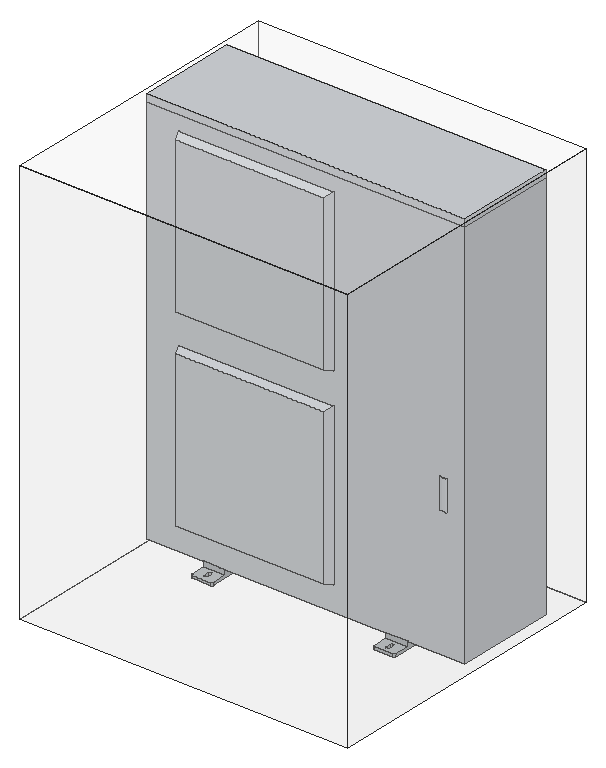
Revit family "puz-hrmp80_160ka10_50hz", category 機械設備, Revit 2023 (continued)
Definition of nested family "PUZ-HDRMP-3"
  Dimensions and locks
    aligned and locked: Blend 4 sketch curve to plane 46
    aligned and locked: Blend 4 sketch curve to plane 48
    aligned and locked: Blend 4 to plane 8
    aligned and locked: plane 38 to Blend 4
    aligned and locked: curve 17 to plane 49
    aligned and locked: curve 1 to plane 49
    aligned and locked: plane 49 to curve 19
    aligned and locked: curve 18 to plane 50
    aligned and locked: plane 50 to curve 2
    aligned and locked: plane 50 to curve 20
    aligned and locked: plane 57 to Extrusion 5 sketch curve
    aligned and locked: plane 53 to Extrusion 5 sketch curve
    aligned and locked: plane 58 to Extrusion 6 sketch curve
    aligned and locked: plane 56 to Extrusion 6 sketch curve
    aligned and locked: plane 61 to Extrusion 7 sketch curve
    aligned and locked: plane 54 to Extrusion 7 sketch curve
    aligned and locked: plane 55 to Extrusion 7
    aligned and locked: Extrusion 7 to plane 62
    aligned and locked: plane 64 to Extrusion 6
    aligned and locked: plane 63 to Extrusion 5
    aligned and locked: Extrusion 6 to plane 60
    aligned and locked: Extrusion 5 to plane 59
    aligned and locked: plane 66 to Extrusion 8 sketch curve
    aligned and locked: plane 65 to Extrusion 8 sketch curve
    aligned and locked: Extrusion 8 to plane 60
    aligned and locked: plane 64 to Extrusion 8
    aligned and locked: Blend 9 sketch curve to plane 71
    aligned and locked: Blend 9 sketch curve to plane 72
    aligned and locked: Blend 9 sketch curve to plane 42
    aligned and locked: Blend 9 sketch curve to plane 41
    aligned and locked: plane 45 to Blend 9 sketch curve
    aligned and locked: Blend 9 sketch curve to plane 46
    aligned and locked: Blend 9 sketch curve to plane 73
    aligned and locked: plane 74 to Blend 9 sketch curve
    aligned and locked: Blend 9 to plane 8
    aligned and locked: plane 38 to Blend 9
    aligned and locked: plane 22 to Extrusion 10 sketch curve
    aligned and locked: plane 21 to Extrusion 10 sketch curve
    aligned and locked: Extrusion 10 sketch curve to Extrusion 1  (x4)
    aligned and locked: Extrusion 10 sketch curve to plane 23
    aligned and locked: Extrusion 10 sketch curve to plane 20
    aligned and locked: plane 24 to Extrusion 10
    aligned and locked: Extrusion 10 to level
    aligned and locked: plane 25 to Extrusion 11
    aligned and locked: Extrusion 11 to plane 26
    aligned and locked: Masking region 1 sketch curve to Extrusion 3  (x4)
    aligned and locked: Masking region 1 sketch curve to cut or joined group of Extrusion 1, Extrusion 10  (x8)
    aligned and locked: Masking region 1 sketch curve to Blend 9  (x3)
    aligned and locked: plane 51 to Extrusion 11 sketch curve
    aligned and locked: plane 52 to Extrusion 11 sketch curve
    aligned and locked: plane 76 to Extrusion 11 sketch curve
    aligned and locked: plane 77 to Extrusion 11 sketch curve
    aligned and locked: plane 78 to Extrusion 11 sketch curve
    aligned and locked: plane 79 to Extrusion 11 sketch curve
    aligned and locked: plane 75 to Extrusion 11 sketch curve  (x4)
  Automatic sketch dimensions
    plane 7 to Extrusion 1 sketch curve = 0 mm  (x2)
    Extrusion 1 sketch curve to plane 18 = 0 mm
    plane 8 to Extrusion 1 sketch curve = 0 mm  (x2)
    Extrusion 1 sketch curve to plane 19 = 0 mm
    Extrusion 1 sketch curve to plane 20 = 0 mm
    Extrusion 1 sketch curve to plane 21 = 0 mm
    curve 187 to curve 188 = 40 mm
    curve 186 to curve 190 = 13.333 mm
    curve 190 to curve 190 = 40 mm
    curve 186 to curve 193 = 0 mm
    curve 186 to curve 188 = 40 mm
    curve 188 to curve 191 = 0 mm
    curve 179 to curve 180 = 40 mm
    curve 178 to curve 182 = 120 mm
    curve 182 to curve 182 = 40 mm
    curve 178 to curve 185 = 0 mm
    curve 178 to curve 180 = 40 mm
    curve 182 to curve 183 = 40 mm
    curve 25 to plane 45 = 0 mm
    curve 24 to plane 45 = 0 mm
    curve 22 to plane 45 = 0 mm
    curve 23 to plane 45 = 0 mm
    curve 26 to plane 45 = 0 mm
    curve 21 to plane 45 = 0 mm
    curve 24 to plane 46 = 0 mm
    curve 25 to plane 46 = 0 mm
    curve 26 to plane 46 = 0 mm
    curve 23 to plane 46 = 0 mm
    curve 22 to plane 46 = 0 mm
    curve 21 to plane 46 = 0 mm
    curve 37 to plane 48 = 0 mm
    curve 52 to plane 48 = 0 mm
    curve 51 to plane 48 = 0 mm
    curve 50 to plane 48 = 0 mm
    curve 49 to plane 48 = 0 mm
    curve 48 to plane 48 = 0 mm
    curve 47 to plane 48 = 0 mm
    curve 46 to plane 48 = 0 mm
    curve 45 to plane 48 = 0 mm
    curve 44 to plane 48 = 0 mm
    curve 43 to plane 48 = 0 mm
    curve 42 to plane 48 = 0 mm
    curve 41 to plane 48 = 0 mm
    curve 27 to plane 48 = 0 mm
    curve 28 to plane 48 = 0 mm
    curve 40 to plane 48 = 0 mm
    curve 39 to plane 48 = 0 mm
    curve 29 to plane 48 = 0 mm
    curve 38 to plane 48 = 0 mm
    curve 30 to plane 48 = 0 mm
    curve 53 to plane 48 = 0 mm
    curve 31 to plane 48 = 0 mm
    curve 36 to plane 48 = 0 mm
    curve 32 to plane 48 = 0 mm
    curve 35 to plane 48 = 0 mm
    curve 33 to plane 48 = 0 mm
    curve 34 to plane 48 = 0 mm
    curve 28 to plane 47 = 0 mm
    curve 41 to plane 47 = 0 mm
    curve 27 to plane 47 = 0 mm
    curve 42 to plane 47 = 0 mm
    curve 31 to plane 47 = 0 mm
    curve 40 to plane 47 = 0 mm
    curve 37 to plane 47 = 0 mm
    curve 39 to plane 47 = 0 mm
    curve 32 to plane 47 = 0 mm
    curve 45 to plane 47 = 0 mm
    curve 36 to plane 47 = 0 mm
    curve 46 to plane 47 = 0 mm
    curve 43 to plane 47 = 0 mm
    curve 47 to plane 47 = 0 mm
    curve 29 to plane 47 = 0 mm
    curve 48 to plane 47 = 0 mm
    curve 30 to plane 47 = 0 mm
    curve 49 to plane 47 = 0 mm
    curve 44 to plane 47 = 0 mm
    curve 50 to plane 47 = 0 mm
    curve 33 to plane 47 = 0 mm
    curve 51 to plane 47 = 0 mm
    curve 35 to plane 47 = 0 mm
    curve 52 to plane 47 = 0 mm
    curve 38 to plane 47 = 0 mm
    curve 53 to plane 47 = 0 mm
    curve 34 to plane 47 = 0 mm
    plane 13 to curve 304 = 138 mm
    curve 304 to plane 46 = 0 mm
    curve 307 to plane 45 = 0 mm
    curve 306 to plane 45 = 0 mm
    curve 303 to plane 45 = 0 mm
    curve 308 to plane 45 = 0 mm
    curve 303 to plane 46 = 0 mm
    curve 306 to plane 46 = 0 mm
    curve 307 to plane 46 = 0 mm
    curve 308 to plane 46 = 0 mm
    curve 309 to plane 45 = 0 mm
    curve 309 to plane 46 = 0 mm
    curve 305 to plane 74 = 0 mm
    curve 305 to plane 73 = 0 mm
    curve 310 to plane 74 = 0 mm
    curve 310 to plane 73 = 0 mm
    curve 311 to plane 73 = 0 mm
    curve 311 to plane 74 = 0 mm
    curve 312 to plane 74 = 0 mm
    curve 312 to plane 73 = 0 mm
    curve 313 to plane 74 = 0 mm
    curve 313 to plane 73 = 0 mm
    curve 314 to plane 73 = 0 mm
    curve 314 to plane 74 = 0 mm
    curve 315 to plane 74 = 0 mm
    curve 315 to plane 73 = 0 mm
    curve 316 to plane 73 = 0 mm
    curve 316 to plane 74 = 0 mm
    curve 317 to plane 74 = 0 mm
    curve 317 to plane 73 = 0 mm
    curve 318 to plane 74 = 0 mm
    curve 318 to plane 73 = 0 mm
    curve 319 to plane 74 = 0 mm
    curve 319 to plane 73 = 0 mm
    curve 320 to plane 74 = 0 mm
    curve 320 to plane 73 = 0 mm
    curve 321 to plane 74 = 0 mm
    curve 321 to plane 73 = 0 mm
    curve 322 to plane 73 = 0 mm
    curve 322 to plane 74 = 0 mm
    curve 323 to plane 73 = 0 mm
    curve 323 to plane 74 = 0 mm
    curve 324 to plane 73 = 0 mm
    curve 324 to plane 74 = 0 mm
    curve 325 to plane 74 = 0 mm
    curve 325 to plane 73 = 0 mm
    curve 326 to plane 74 = 0 mm
    curve 326 to plane 73 = 0 mm
    curve 327 to plane 74 = 0 mm
    curve 327 to plane 73 = 0 mm
    curve 328 to plane 74 = 0 mm
    curve 328 to plane 73 = 0 mm
    curve 329 to plane 74 = 0 mm
    curve 329 to plane 73 = 0 mm
    curve 330 to plane 74 = 0 mm
    curve 330 to plane 73 = 0 mm
    curve 331 to plane 74 = 0 mm
    curve 331 to plane 73 = 0 mm
    curve 332 to plane 73 = 0 mm
    curve 332 to plane 74 = 0 mm
    curve 333 to plane 74 = 0 mm
    curve 333 to plane 73 = 0 mm
    curve 334 to plane 73 = 0 mm
    curve 334 to plane 74 = 0 mm
    curve 335 to plane 74 = 0 mm
    curve 335 to plane 73 = 0 mm
    Extrusion 10 sketch curve to plane 18 = 0 mm  (x2)
    plane 8 to Extrusion 10 sketch curve = 0 mm
    plane 23 to Extrusion 10 sketch curve = 0 mm
    plane 22 to Extrusion 10 sketch curve = 0 mm  (x3)
    plane 16 to Extrusion 10 sketch curve = 0 mm  (x3)
    plane 17 to Extrusion 10 sketch curve = 0 mm  (x3)
    Extrusion 10 sketch curve to plane 15 = 0 mm  (x2)
    Extrusion 10 sketch curve to plane 19 = 0 mm  (x2)
    Extrusion 10 sketch curve to plane 14 = 0 mm  (x2)
    plane 7 to Extrusion 10 sketch curve = 0 mm
    Extrusion 10 sketch curve to plane 18 = 5 mm
    plane 15 to Extrusion 10 sketch curve = 6 mm  (x2)
    plane 19 to Extrusion 10 sketch curve = 5 mm
    Extrusion 10 sketch curve to plane 20 = 5 mm
    plane 14 to Extrusion 10 sketch curve = 6 mm  (x2)
    plane 21 to Extrusion 10 sketch curve = 5 mm
    plane 38 to Extrusion 10 sketch curve = 10 mm  (x2)
    plane 19 to Masking region 1 sketch curve = 0 mm
    plane 21 to Masking region 1 sketch curve = 0 mm
    plane 7 to Masking region 1 sketch curve = 0 mm  (x2)
    Masking region 1 sketch curve to plane 20 = 0 mm
    Masking region 1 sketch curve to plane 18 = 0 mm
    plane 8 to Masking region 1 sketch curve = 0 mm  (x2)
    plane 38 to Masking region 1 sketch curve = 0 mm
    curve 352 to plane 6 = 0 mm
    plane 7 to curve 352 = 0 mm
    curve 353 to plane 18 = 0 mm
    curve 348 to plane 18 = 0 mm
    plane 8 to curve 346 = 0 mm
    curve 354 to plane 19 = 0 mm
    curve 347 to plane 19 = 0 mm
    curve 345 to plane 41 = 0 mm
    plane 38 to curve 344 = 0 mm
    curve 344 to plane 46 = 0 mm
    curve 357 to plane 20 = 0 mm
    curve 343 to plane 20 = 0 mm
    curve 358 to plane 21 = 0 mm
    curve 341 to plane 21 = 0 mm
    curve 339 to plane 45 = 0 mm
    curve 339 to plane 42 = 0 mm
    curve 337 to plane 5 = 0 mm
    plane 22 to curve 354 = 0 mm
    plane 22 to curve 358 = 0 mm
    plane 23 to curve 342 = 0 mm
    plane 23 to curve 347 = 0 mm
    curve 11 to plane 65 = 6 mm
    plane 18 to curve 352 = 28.157 mm
    plane 15 to curve 346 = 0.043 mm
    plane 21 to curve 338 = 11.963 mm
    curve 336 to plane 21 = 9.073 mm
    curve 344 to plane 21 = 22.105 mm
    plane 28 to curve 3 = 5 mm
    curve 3 to plane 45 = 38 mm
    curve 1 to plane 45 = 38 mm
    curve 3 to curve 5 = 0 mm
    curve 4 to plane 29 = 5 mm
    curve 372 to plane 65 = 6 mm
    plane 65 to curve 376 = 9 mm
    curve 12 to plane 65 = 6 mm
    curve 20 to plane 53 = 4 mm
    curve 2 to curve 16 = 15 mm
    plane 51 to curve 15 = 5 mm
Definition of nested family "固定点"
  Parameters (values of type "固定点")
    Default Elevation = 0 mm
    中心円 = if(W > 599 mm, 12 mm, 10 mm)  # 12 mm
    W = 1000 mm
    D = 1000 mm
  Reference planes
    plane 1 "中心(正面/背面)": y = 0
    plane 2: z = 0
    plane 3 "中心(左/右)": x = 0
    plane 4: x = 1000
    plane 5: y = 1000
  Lines and regions (mm)
    symbolic lines, detail levels fine
      curve 1: circle (0, 1000, 0) r 6 normal (0, 0, 1)
      curve 2: circle (0, 0, 0) r 6 normal (0, 0, 1)
      curve 3: circle (1000, 1000, 0) r 6 normal (0, 0, 1)
      curve 4: circle (1000, 0, 0) r 6 normal (0, 0, 1)
      curve 5: line (-200, 1000, 0) -> (1200, 1000, 0)
      curve 6: line (-200, 0, 0) -> (1200, 0, 0)
      curve 7: line (0, 1200, 0) -> (0, -200, 0)
      curve 8: line (1000, 1200, 0) -> (1000, -200, 0)
  Dimensions and locks
    "W": plane 3 "中心(左/右)" to plane 4
    "D": plane 1 "中心(正面/背面)" to plane 5
    "中心円": diameter of curve 1
    "中心円": diameter of curve 2
    "中心円": diameter of curve 3
    "中心円": diameter of curve 4
    aligned and locked: level to plane 2
    aligned and locked: plane 5 to curve 1
    aligned and locked: plane 3 "中心(左/右)" to curve 1
    aligned and locked: plane 3 "中心(左/右)" to curve 2
    aligned and locked: plane 1 "中心(正面/背面)" to curve 2
    aligned and locked: plane 4 to curve 3
    aligned and locked: plane 5 to curve 3
    aligned and locked: plane 1 "中心(正面/背面)" to curve 4
    aligned and locked: plane 4 to curve 4
    aligned and locked: plane 1 "中心(正面/背面)" to curve 6
    aligned and locked: curve 7 to plane 3 "中心(左/右)"
    aligned and locked: curve 8 to plane 4
  Automatic sketch dimensions
    curve 5 to plane 5 = 0 mm
    curve 6 to plane 3 "中心(左/右)" = 200 mm
    curve 5 to plane 3 "中心(左/右)" = 200 mm
    curve 4 to curve 6 = 200 mm
    curve 3 to curve 5 = 200 mm
    plane 1 "中心(正面/背面)" to curve 8 = 200 mm
    plane 1 "中心(正面/背面)" to curve 7 = 200 mm
    curve 3 to curve 8 = 200 mm
    curve 1 to curve 7 = 200 mm
Types (15, lengths in mm): name | 音響パワーレベル_暖房 (dB) | 音響パワーレベル_冷房 (dB) | 音響パワーレベル(dB) | 電動機出力_圧縮機 | 質量 | 製品質量 | 消費電力_暖房 | 消費電力_冷房 | 消費電力 | 本体マテリアル | 暖房能力 | 推奨ブレーカー容量 | 冷房能力 | 冷媒管（ガス）位置Y | 冷媒管位置Y | モデル | URL
  PUZ-HRMP112KA10 | 69 | 66 | 69 | 2.1 kW | 135.60 kg | 113.00 kg | 2.69 kW | 2.5 kW | 2.69 kW | Galvanized steel plate | 11.2 kW | 30 A | 10 kW | 274 | 282 | "PUZ-HRMP112KA10" | "https://www.mitsubishielectric.co.jp/ldg/wink/qr/002/364625"
  PUZ-HRMP140KA10 | 69 | 68 | 69 | 2.7 kW | 135.60 kg | 113.00 kg | 3.82 kW | 3.69 kW | 3.82 kW | none | 14 kW | 40 A | 12.5 kW | 234 | 262 | "PUZ-HRMP140KA10" | "https://www.mitsubishielectric.co.jp/ldg/wink/qr/002/364548"
  PUZ-HRMP160KA10 | 71 | 69 | 71 | 3.1 kW | 135.60 kg | 113.00 kg | 4.49 kW | 4.7 kW | 4.7 kW | none | 16 kW | 40 A | 14 kW | 234 | 262 | "PUZ-HRMP160KA10" | "https://www.mitsubishielectric.co.jp/ldg/wink/qr/002/364551"
  PUZ-HRMP112KA10-BS | 69 | 66 | 69 | 2.1 kW | 135.60 kg | 113.00 kg | 2.69 kW | 2.5 kW | 2.69 kW | none | 11.2 kW | 30 A | 10 kW | 274 | 282 | "PUZ-HRMP112KA10-BS" | "https://www.mitsubishielectric.co.jp/ldg/wink/qr/002/364626"
  PUZ-HRMP112KA10-BH | 69 | 66 | 69 | 2.1 kW | 136.80 kg | 114.00 kg | 2.69 kW | 2.5 kW | 2.69 kW | none | 11.2 kW | 30 A | 10 kW | 274 | 282 | "PUZ-HRMP112KA10-BH" | "https://www.mitsubishielectric.co.jp/ldg/wink/qr/002/364555"
  PUZ-HRMP140KA10-BS | 69 | 68 | 69 | 2.7 kW | 135.60 kg | 113.00 kg | 3.82 kW | 3.69 kW | 3.82 kW | none | 14 kW | 40 A | 12.5 kW | 234 | 262 | "PUZ-HRMP140KA10-BS" | "https://www.mitsubishielectric.co.jp/ldg/wink/qr/002/364549"
  PUZ-HRMP140KA10-BSG | 69 | 68 | 69 | 2.7 kW | 135.60 kg | 113.00 kg | 3.82 kW | 3.69 kW | 3.82 kW | none | 14 kW | 40 A | 12.5 kW | 234 | 262 | "PUZ-HRMP140KA10-BSG" | "https://www.mitsubishielectric.co.jp/ldg/wink/qr/002/364550"
  PUZ-HRMP140KA10-BH | 69 | 68 | 69 | 2.7 kW | 136.80 kg | 114.00 kg | 3.82 kW | 3.69 kW | 3.82 kW | none | 14 kW | 40 A | 12.5 kW | 234 | 262 | "PUZ-HRMP140KA10-BH" | "https://www.mitsubishielectric.co.jp/ldg/wink/qr/002/364556"
  PUZ-HRMP160KA10-BS | 71 | 69 | 71 | 3.1 kW | 135.60 kg | 113.00 kg | 4.49 kW | 4.7 kW | 4.7 kW | none | 16 kW | 40 A | 14 kW | 234 | 262 | "PUZ-HRMP160KA10-BS" | "https://www.mitsubishielectric.co.jp/ldg/wink/qr/002/364552"
  PUZ-HRMP160KA10-BSG | 71 | 69 | 71 | 3.1 kW | 135.60 kg | 113.00 kg | 4.49 kW | 4.7 kW | 4.7 kW | none | 16 kW | 40 A | 14 kW | 234 | 262 | "PUZ-HRMP160KA10-BSG" | "https://www.mitsubishielectric.co.jp/ldg/wink/qr/002/364553"
  PUZ-HRMP160KA10-BH | 71 | 69 | 71 | 3.1 kW | 136.80 kg | 114.00 kg | 4.49 kW | 4.7 kW | 4.7 kW | none | 16 kW | 40 A | 14 kW | 234 | 262 | "PUZ-HRMP160KA10-BH" | "https://www.mitsubishielectric.co.jp/ldg/wink/qr/002/364557"
  PUZ-HRMP80KA10 | 68 | 66 | 68 | 1.5 kW | 135.60 kg | 113.00 kg | 1.92 kW | 1.77 kW | 1.92 kW | none | 8 kW | 30 A | 7.1 kW | 234 | 262 | "PUZ-HRMP80KA10" | "https://www.mitsubishielectric.co.jp/ldg/wink/qr/002/364622"
  PUZ-HRMP80KA10-BSG | 68 | 66 | 68 | 1.5 kW | 135.60 kg | 113.00 kg | 1.92 kW | 1.77 kW | 1.92 kW | none | 8 kW | 30 A | 7.1 kW | 234 | 262 | "PUZ-HRMP80KA10-BSG" | "https://www.mitsubishielectric.co.jp/ldg/wink/qr/002/364624"
  PUZ-HRMP80KA10-BH | 68 | 66 | 68 | 1.5 kW | 136.80 kg | 114.00 kg | 1.92 kW | 1.77 kW | 1.92 kW | none | 8 kW | 30 A | 7.1 kW | 234 | 262 | "PUZ-HRMP80KA10-BH" | "https://www.mitsubishielectric.co.jp/ldg/wink/qr/002/364554"
  PUZ-HRMP112KA10-BSG | 69 | 66 | 69 | 2.1 kW | 135.60 kg | 113.00 kg | 2.69 kW | 2.5 kW | 2.69 kW | none | 11.2 kW | 30 A | 10 kW | 274 | 282 | "PUZ-HRMP112KA10-BSG" | "https://www.mitsubishielectric.co.jp/ldg/wink/qr/002/364709"
